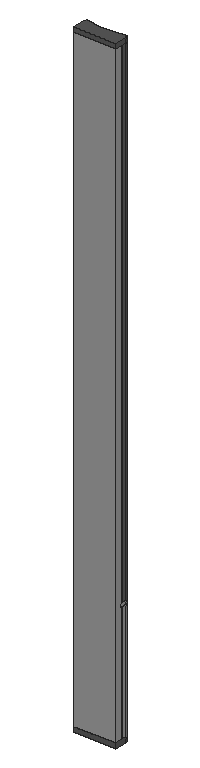
Revit family "JC KONTAKTER JCK128 Armbågskontakt", category Specialty Equipment, host Wall, Revit 2025
Family settings
  Host = Wall
  Round Connector Dimension = Use Diameter
  Part Type = Normal
  Enable Cutting in Views = Yes
  Always vertical = Yes
  Cut with Voids When Loaded = No
  Maintain Annotation Orientation = No
  Shared = No
  Room Calculation Point = No
Parameters (values of type "Armbågskontakt JCK128")
  URL = "https://jckontakter.se/produkt/armbagskontakter-metall/armbagskontakt-med-sparkfunkt-jck128/"
  Tillverkningsland = "Sverige"
  Tillvalsförteckning = "https://jckontakter.se/wp-content/uploads/sites/2/Tillval_metall_2024.pdf"
  Tekniskt produktblad = "https://jckontakter.se/wp-content/uploads/2019/09/Tekniskt-blad_JCK128.pdf"
  Produktvikt = "1.905 kg"
  Placering av armbågskontakt = "https://jckontakter.se/start/nyheter-och-information/armbagskontakter-placering-riktlinjer/"
  Nominell märkström = "12 V - Resistive 6A Inductive L/R 5ms 6A, 24 V - Resistive 6A Inductive L/R 5ms 5A"
  Model = "JCK128"  # constant formula
  Mikrobrytare = "Standard NO IP67"
  Manufacturer = "JC Kontakter"  # constant formula
  Lägsta märkström = "1mA/4 V DC"
  Long lid Finish = Aluminum ENAW 6060 (Svart)
  Lid Finish = Aluminum ENAW 6060
  Keynote = ""
  End Cap Finish = POM Tenac C 4520
  Description = "Kombinerad armbågskontakt/sparkkontakt. Lång modell som är tillverkad i silvereloxerad aluminium, med tryckyta upptill och sparkyta i botten.\r\n\r\nJCK148 tillhör en serie armbågskontakter som är kombinerade med sparkkontakt nedtill. Modellerna är särskilt utvecklade för att underlätta för t.ex. sjukhuspersonal att snabbt och enkelt kunna öppna dörrar med t.ex. sängen, armbågen, höften eller foten."  # constant formula
  Default Elevation = 0 mm
  Core Finish = Aluminum ENAW 6060
  CE Dokument = "https://jckontakter.se/wp-content/uploads/CE_Dokument.pdf"
  Assembly Code = ""
  Antal mikrobrytare = 5
Types (2, lengths in mm): name | URL | Tekniskt produktblad | Produktvikt | Nominell märkström | Long lid Finish | Antal mikrobrytare
  Type 1 | "https://jckontakter.se/produkt/armbagskontakter-metall/armbagskontakt-i-aluminium-jck108/" | "https://jckontakter.se/wp-content/uploads/2019/09/Tekniskt-blad_JCK108.245.pdf" | "0.305 kg" | "0,1A - 10 A/250 V AC" | Aluminum ENAW 6060 | 2
  Armbågskontakt JCK128 | "https://jckontakter.se/produkt/armbagskontakter-metall/armbagskontakt-med-sparkfunkt-jck128/" | "https://jckontakter.se/wp-content/uploads/2019/09/Tekniskt-blad_JCK128.pdf" | "1.905 kg" | "12 V - Resistive 6A Inductive L/R 5ms 6A, 24 V - Resistive 6A Inductive L/R 5ms 5A" | Aluminum ENAW 6060 (Svart) | 5
Reference planes
  plane 1 "Wall": y = 0
  plane 2 "Center (Left/Right)": x = 125
  plane 3 "Back": y = 75
  plane 4 "A": z = 800
Lines and regions (mm)
  Masking region 1
    outline origin (0, 0, -100) x (1, 0, 0) y (0, 0, 1)
      loop
        line (175, 2100) -> (75, 2100) -> (75, 900) -> (175, 900) -> (175, 2100)
  symbolic lines
    curve 1: line (75, 125, 0) -> (175, 125, 0)
    curve 2: line (75, 75, 0) -> (75, 125, 0)
    curve 3: line (175, 75, 0) -> (75, 75, 0)
    curve 4: line (175, 125, 0) -> (175, 75, 0)
    curve 5: line (175, 0, 2000) -> (75, 0, 2000)
    curve 6: line (175, 0, 800) -> (175, 0, 2000)
    curve 7: line (75, 0, 800) -> (175, 0, 800)
    curve 8: line (75, 0, 2000) -> (75, 0, 800)
Text (mm)
  text "Placement Side" at (-1848.837, 1116.779, 0), in view "Ref. Level"
  text "Placement side" at (0, 1409.804, 2854.306), in view "Left"
  text "Placement side" at (0, 499.811, 2980.732), in view "Right"
Dimensions and locks
  locked: plane 3 "Back" to host wall
  locked: curve 3 to curve 1 at 50
  aligned and locked: plane 1 "Wall" to host wall
  aligned and locked: nested 1 to plane 3 "Back"
  aligned and locked: curve 3 to plane 3 "Back"
  aligned and locked: plane 4 "A" to curve 7
  aligned and locked: curve 6 to Masking region 1
  aligned and locked: Masking region 1 to curve 8
  aligned and locked: Masking region 1 to curve 5
Nested families
  nested 1: "AK_128" at (125, 75, 800) x (-1, 0, 0) z (0, 0, 1), type "AK_128", detail levels medium+fine
Definition of nested family "AK_128"
  Parameters (values of type "AK_128")
    URL = "https://jckontakter.se/produkt/armbagskontakter-metall/armbagskontakt-med-sparkfunkt-jck128/"
    Model = "JCK128"  # constant formula
    Middle separator Finish = none
    Manufacturer = "JC Kontakter"  # constant formula
    Long lid Finish = none
    Lid Finish = none
    End Cap Finish = none
    Description = "Kombinerad armbågskontakt/sparkkontakt.  Lång modell som är tillverkad i aluminium, med svarteloxerad tryckyta upptill och grå sparkyta i botten.\r\n\r\nJCK128 tillhör en serie armbågskontakter som är kombinerade med sparkkontakt nedtill. Modellerna är särskilt utvecklade för att underlätta för t.ex. sjukhuspersonal att snabbt och enkelt kunna öppna dörrar med t.ex. sängen, armbågen, höften eller foten."  # constant formula
    Default Elevation = 0 mm
    Core Finish = none
  Reference planes
    plane 1 "Center (Front/Back)": y = 0
    plane 2: z = 0
    plane 3 "Center (Left/Right)": x = 0
    plane 4 "1": x = 40
    plane 5 "A": z = 9
    plane 6 "B": z = 1191
    plane 7: y = -17.83
    plane 8 "C": z = 236
    plane 9: y = -17.83
  Forms (mm)
    Extrusion 1, solid, material <- "Core Finish"
      sketch origin (40, 0, 9) x (1, 0, 0) y (0, 1, 0)
        loop
          line (-80, 0) -> (-80, -10) -> (-73.2, -10) -> (-73.2, -15) -> (-6, -15) -> (-6, -10) -> (0, -10) -> (0, 0) -> (-80, 0)
      from 0 to 1182
    Extrusion 2, solid, material <- "Lid Finish"
      sketch origin (-40, 0, 9) x (-1, 0, 0) y (0, -1, 0)
        loop
          line (-6.8, 17.58) -> (-6.8, 15) -> (0, 15) -> (0, 23)
          arc (0, 23) -> (-1.864, 26.894) -> (-6.066, 27.885) r 5
          arc (-6.066, 27.885) -> (-40, 24) -> (-73.934, 27.885) r 150.141
          arc (-73.934, 27.885) -> (-78.136, 26.894) -> (-80, 23) r 5
          line (-80, 23) -> (-80, 15) -> (-74, 15) -> (-74, 17.58) -> (-6.8, 17.58)
      from 0 to 226
    Extrusion 3, solid, material <- "End Cap Finish"
      sketch origin (-40, 0, 0) x (1, 0, 0) y (0, 1, 0)
        loop
          arc (0, -23) -> (1.864, -26.894) -> (6.066, -27.885) r 5
          arc (6.066, -27.885) -> (40, -24) -> (73.934, -27.885) r 150.141
          arc (73.934, -27.885) -> (78.136, -26.894) -> (80, -23) r 5
          line (80, -23) -> (80, 0) -> (0, 0) -> (0, -23)
      from 0 to 9
    Extrusion 4, void
      sketch origin (0, 0, 0) x (1, 0, 0) y (0, 1, 0)
        loop
          circle (-29.75, -12.25) r 3.75
        loop
          circle (29.75, -12.25) r 3.75
      from 0 to 4
    Extrusion 5, solid, material <- "End Cap Finish"
      sketch origin (0, 0, 1191) x (-1, 0, 0) y (0, -1, 0)
        loop
          arc (40, 23) -> (38.136, 26.894) -> (33.934, 27.885) r 5
          arc (33.934, 27.885) -> (0, 24) -> (-33.934, 27.885) r 150.141
          arc (-33.934, 27.885) -> (-38.136, 26.894) -> (-40, 23) r 5
          line (-40, 23) -> (-40, 0) -> (40, 0) -> (40, 23)
      from 0 to 9
    Extrusion 6, solid, material <- "Middle separator Finish"
      sketch origin (0, 0, 236) x (-1, 0, 0) y (0, -1, 0)
        loop
          arc (40, 23) -> (38.136, 26.894) -> (33.934, 27.885) r 5
          arc (33.934, 27.885) -> (0, 24) -> (-33.934, 27.885) r 150.141
          arc (-33.934, 27.885) -> (-38.136, 26.894) -> (-40, 23) r 5
          line (-40, 23) -> (-40, 10) -> (-34, 10) -> (-34, 17.58) -> (33.2, 17.58) -> (33.2, 10) -> (40, 10) -> (40, 23)
      from 0 to 5
    Extrusion 7, solid, material <- "Long lid Finish"
      sketch origin (0, 0, 236) x (-1, 0, 0) y (0, -1, 0)
        loop
          line (33.2, 17.58) -> (33.2, 15) -> (40, 15) -> (40, 23)
          arc (40, 23) -> (38.136, 26.894) -> (33.934, 27.885) r 5
          arc (33.934, 27.885) -> (0, 24) -> (-33.934, 27.885) r 150.141
          arc (-33.934, 27.885) -> (-38.136, 26.894) -> (-40, 23) r 5
          line (-40, 23) -> (-40, 15) -> (-34, 15) -> (-34, 17.58) -> (33.2, 17.58)
      from 6 to 955
  Cuts and joins
    Extrusion 4 cuts Extrusion 3
  Dimensions and locks
    aligned and locked: level to plane 2
    aligned and locked: plane 6 "B" to Extrusion 1
    aligned and locked: plane 6 "B" to Extrusion 7
